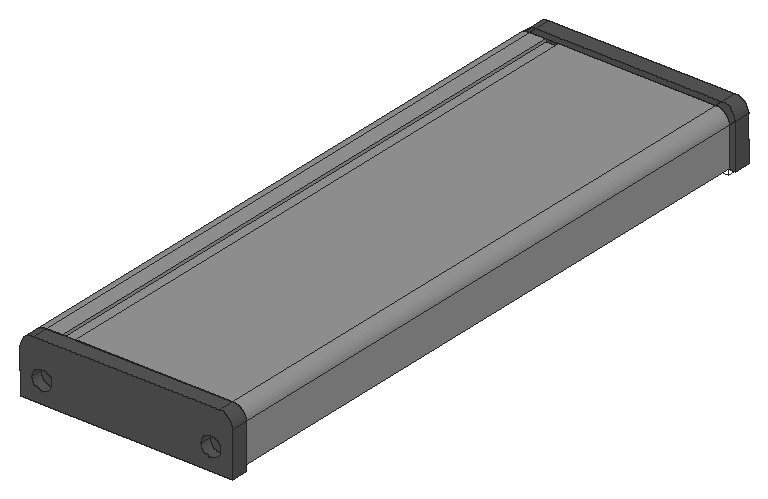
Revit family "JC KONTAKTER JCK267 DE", category Specialty Equipment, host Face, Revit 2025
Family settings
  Host = Face
  Round Connector Dimension = Use Diameter
  Part Type = Normal
  Enable Cutting in Views = Yes
  Cut with Voids When Loaded = No
  Maintain Annotation Orientation = Yes
  Shared = No
  Room Calculation Point = No
Parameters (values of type "JCK267")
  URL = "https://grossflaechentaster.de/produkt/grossflachentaster-metall/grossflachentaster-jck267/"
  Technisches Produktblatt = "https://grossflaechentaster.de/wp-content/uploads/sites/3/Technisches-Produktdatenblatt-_JCK267_DE.pdf"
  Produktgewicht = "0.310 kg."
  Nomineller nennstrom = "12 V Resistiv 6A Induktiv L/R 5 ms 6A, 24 V Resistive 6A Induktiv L/R 5 ms 5A"
  Model = "JCK267"
  Mikroschalter = "Standard NO IP67"
  Manufacturer = "JC kontakter"
  Linse = Acryl
  Kern = Aluminum 6060-T6
  Herstellungsland = "Schweden"
  Geringster nennstrom = "1mA/4 V DC"
  Endkappen = POM Tenac C 4520
  Description = "JCK267 ist ein modernes Modell, ausgestattet mit einem führenden LED-Licht (blau). Das Modell verfügt außerdem über eine versenkte taktile Rille, um die Nutzung für Sehbehinderte zu erleichtern. Hergestellt aus silbergrauem Aluminium mit schwarzen Endkappen."
  Default Elevation = 800 mm
  Deckel = Aluminum 6060-T6
  CE-kennzeichnung = "https://jckontakter.se/wp-content/uploads/CE_Dokument.pdf"
  Anzahl der mikroschalter = 2
Reference planes
  plane 1 "Center (Front/Back)": y = 0
  plane 2: z = 0
  plane 3 "Center (Left/Right)": x = 0
  plane 4 "A": y = -122.5
Lines and regions (mm)
  symbolic lines
    curve 1: line (-50, 0, 50) -> (50, 0, 50)
    curve 2: line (-50, 0, 0) -> (-50, 0, 50)
    curve 3: line (50, 0, 0) -> (-50, 0, 0)
    curve 4: line (50, 0, 50) -> (50, 0, 0)
    curve 5: line (-40, 122.5, 0) -> (40, 122.5, 0)
    curve 6: line (-40, -122.5, 0) -> (-40, 122.5, 0)
    curve 7: line (40, -122.5, 0) -> (-40, -122.5, 0)
    curve 8: line (40, 122.5, 0) -> (40, -122.5, 0)
Text (mm)
  text "Entfernen Sie diesen Text vor der Verwendung.\n\nPlatzierungsanweisungen:\n\n1. In das Projekt laden.\n2. Bewegen Sie den Mauszeiger über die Fläche, auf der die Familie platziert werden soll.\n3. Wenn die Familie gedreht angezeigt wird, aktivieren Sie die Option „Nach Platzierung drehen.\n4. Klicken Sie auf die gewünschte Fläche.\n5. Geben Sie den gewünschten Winkel ein.\n6. Drücken Sie die Eingabetaste." at (123.173, 1072.34, 0), in view "Ref. Level"
Dimensions and locks
  aligned and locked: plane 2 to host face
  aligned and locked: level to host face
Nested families
  nested 1: "AK_267" at (0, -122.5, 0) x (1, 0, 0) z (0, 1, 0), type "AK_267"
Definition of nested family "AK_267"
  Parameters (values of type "AK_267")
    Lens Finish = none
    Default Elevation = 1219.2 mm
    Core Finish = none
    URL = "https://jckontakter.se/produkt/armbagskontakter-metall/armbagskontakt-jck267-led-jckontakter/"
    Model = "JCK267"  # constant formula
    Manufacturer = "JC Kontakter"  # constant formula
    Lid Finish = none
    End Cap Finish = none
    Description = "JCK267 är en modern modell utrustad med vägledande LED-ljus(blå). Modellen har även en nedsänkt taktil rilla för att underlätta användande för synnedsatta. Tillverkad i silvergrå aluminium med svarta endcaps."  # constant formula
  Reference planes
    plane 1 "Center (Front/Back)": y = 0
    plane 2: z = 0
    plane 3 "Center (Left/Right)": x = 0
    plane 4 "1": x = 40
    plane 5 "A": z = 6
    plane 6 "B": z = 233
  Forms (mm)
    Extrusion 1, solid, material <- "Core Finish", detail levels medium+fine
      sketch origin (40, 0, 6) x (1, 0, 0) y (0, 1, 0)
        loop
          line (-80, 0) -> (-80, -1.2) -> (-75, -1.2) -> (-75, -8.75) -> (-73.2, -8.75) -> (-73.2, -1.2) -> (-11.2, -1.2) -> (-11.2, -8.75) -> (-2.249, -8.75)
          arc (-2.249, -8.75) -> (-3.331, -3.54) -> (-8.11, -1.2) r 6.05
          line (-8.11, -1.2) -> (-5.54, -1.2) -> (-5.54, 0) -> (-80, 0)
      from 0 to 227
    Extrusion 2, solid, material <- "Lid Finish", detail levels medium+fine
      sketch origin (-40, 0, 6) x (-1, 0, 0) y (0, -1, 0)
        loop
          line (-3.92, 11.41) -> (-0.92, 6.4) -> (0, 6.4) -> (0, 16.83)
          arc (0, 16.83) -> (-1.464, 20.366) -> (-5, 21.83) r 5
          line (-5, 21.83) -> (-11, 21.83) -> (-11, 20.83) -> (-16, 20.83) -> (-16, 21.83) -> (-75, 21.83)
          arc (-75, 21.83) -> (-78.536, 20.366) -> (-80, 16.83) r 5
          line (-80, 16.83) -> (-80, 2.38) -> (-78.4, 2.38) -> (-78.4, 11.41) -> (-3.92, 11.41)
      from 0 to 227
    Extrusion 3, solid, material <- "End Cap Finish", detail levels medium+fine
      sketch origin (-40, 0, 0) x (1, 0, 0) y (0, 1, 0)
        loop
          arc (0, -16.83) -> (1.464, -20.366) -> (5, -21.83) r 5
          line (5, -21.83) -> (75, -21.83)
          arc (75, -21.83) -> (78.536, -20.366) -> (80, -16.83) r 5
          line (80, -16.83) -> (80, 0) -> (0, 0) -> (0, -16.83)
      from 0 to 6
    Extrusion 4, void
      sketch origin (0, 0, 0) x (1, 0, 0) y (0, 1, 0)
        loop
          circle (-31.75, -8.25) r 3.75
        loop
          circle (31.75, -8.25) r 3.75
      from 0 to 4
    Extrusion 5, solid, material <- "End Cap Finish", detail levels medium+fine
      sketch origin (0, 0, 233) x (-1, 0, 0) y (0, -1, 0)
        loop
          arc (40, 16.83) -> (38.536, 20.366) -> (35, 21.83) r 5
          line (35, 21.83) -> (-35, 21.83)
          arc (-35, 21.83) -> (-38.536, 20.366) -> (-40, 16.83) r 5
          line (-40, 16.83) -> (-40, 0) -> (40, 0) -> (40, 16.83)
      from 3 to 9
    Extrusion 6, void
      sketch origin (0, 0, 233) x (-1, 0, 0) y (0, -1, 0)
        loop
          circle (31.75, 8.25) r 3.75
        loop
          circle (-31.75, 8.25) r 3.75
      from 6 to 9
    Extrusion 7, solid, material <- "Lens Finish", detail levels medium+fine
      sketch origin (0, 0, 233) x (-1, 0, 0) y (0, -1, 0)
        loop
          line (40, 0) -> (40, 16.83)
          arc (40, 16.83) -> (38.536, 20.366) -> (35, 21.83) r 5
          line (35, 21.83) -> (-35, 21.83)
          arc (-35, 21.83) -> (-38.536, 20.366) -> (-40, 16.83) r 5
          line (-40, 16.83) -> (-40, 0) -> (40, 0)
      from 0 to 3
  Cuts and joins
    Extrusion 4, Extrusion 6 cuts Extrusion 3
    Extrusion 6 cuts Extrusion 5
  Dimensions and locks
    aligned and locked: level to plane 2
